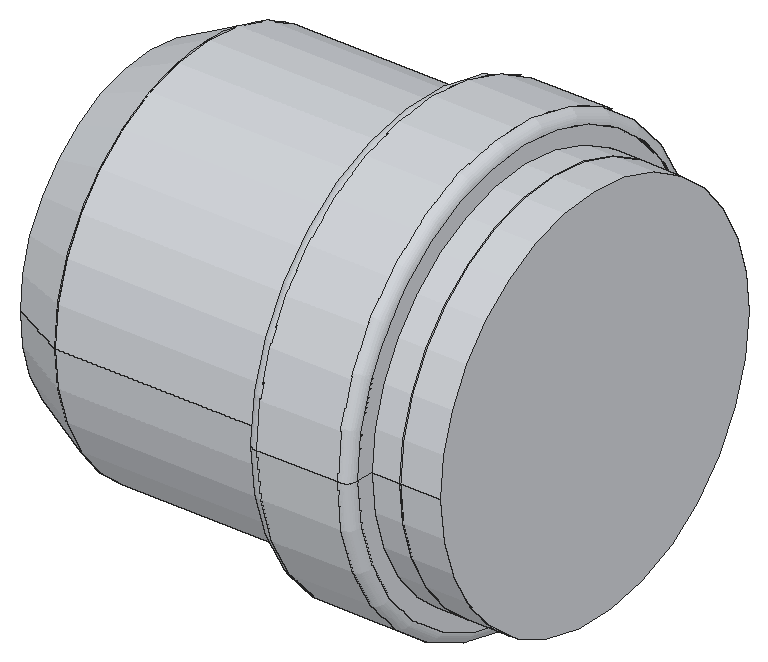
Revit family "RAUPIANO PLUS Socket Plug with Sleeve", category Pipe Fittings, Revit 2012
Parameters (values of type "Standard")
  tmin [instance] = size_lookup("RAUPIANO Pipe.csv", "tmin", 0 mm, Nominal Diameter)  # 42.3 mm
  re [instance] = de / 2  # 20 mm
  de [instance] = size_lookup("RAUPIANO Pipe.csv", "de", 0 mm, Nominal Diameter)  # 40 mm
  Manufacturer = "REHAU"
  L [instance] = size_lookup("RAUPIANO Socket Plug.csv", "Lgt", 0 mm, Nominal Diameter)  # 33 mm
  Fail = "No article found"
  D [instance] = Nominal Diameter  # 40 mm
  Cap Length [instance] = 5 mm  # constant formula
  Belt thickness [instance] = ((Dmax / 2) - Sleeve Radius)  # 3.5 mm
  bmin [instance] = size_lookup("RAUPIANO Pipe.csv", "bmin", 0 mm, Nominal Diameter)  # 3.5 mm
  Sleeve Radius [instance] = (Dmax + de) / 4  # 23.5 mm
  Sleeve Length [instance] = tmin + bmin  # 45.8 mm
  Nominal Radius [instance] = 20 mm
  Nominal Diameter [instance] = Nominal Radius * 2  # 40 mm
  Loss Method = Not Defined
  built-in parameter 1114236 = (empty or 0)
  K Coefficient Table = (empty or 0)
  Dmax [instance] = size_lookup("RAUPIANO Pipe.csv", "Dmax", 0 mm, Nominal Diameter)  # 54 mm
  Belt Radius [instance] = ((Dmax / 2) - Sleeve Radius) / 2.5  # 1.4 mm
  Belt Length [instance] = 3 / 10 * tmin  # 12.69 mm
  Article Nr [instance] = if(D = 40 mm, A1, if(D = 50 mm, A2, if(D = 75 mm, A3, if(D = 90 mm, A4, if(D = 110 mm, A5, if(D = 125 mm, A6, if(D = 160 mm, A7, if(D = 200 mm, A8, Fail))))))))  # "123134-001"
  A8 = "123974-001"
  A7 = "123774-002"
  A6 = "120624-001"
  A5 = "121474-001"
  A4 = "123334-001"
  A3 = "121464-001"
  A2 = "121454-001"
  A1 = "123134-001"
Reference planes
  plane 1 "Center (Front/Back)": y = 0
  plane 2: z = 0
  plane 3 "Center (Left/Right)": x = 0
  plane 4: x = -5
  plane 5: x = -47.3
  plane 6: x = -50.8
  plane 7: x = -54.3
  plane 8: x = -8.5
  plane 9: x = -21.19
  plane 10: x = -33
Forms (mm)
  Sweep 1, solid, detail levels fine
    path in 3D
      loop
        line (-47.3, 0, 0) -> (-5, 0, 0)
    profile origin (-26.15, 0, 0) x (0, 1, 0) y (0, 0, 1)
      loop
        circle (0, 0) r 23.5
  SweptBlend 2, solid, detail levels fine
    path in 3D
      loop
        line (-47.3, 0, 0) -> (-54.3, 0, 0)
    profile origin (-47.3, 0, 0) x (0, -1, 0) y (0, 0, 1)
      loop
        circle (0, 0) r 23.5
    end profile origin (-54.3, 0, 0) x (0, -1, 0) y (0, 0, 1)
      loop
        circle (0, 0) r 20
  Revolve 3, solid, detail levels fine
    sketch origin (0, 0, 0) x (1, 0, 0) y (0, 1, 0)
      loop
        line (-21.19, -23.5) -> (-21.19, -25.6)
        arc (-21.19, -25.6) -> (-20.78, -26.59) -> (-19.79, -27) r 1.4
        line (-19.79, -27) -> (-9.9, -27)
        arc (-9.9, -27) -> (-8.91, -26.59) -> (-8.5, -25.6) r 1.4
        line (-8.5, -25.6) -> (-8.5, -23.5) -> (-21.19, -23.5)
      axis (-8.5, 0) -> (-21.19, 0)
    angle from 0 to 360
  Extrusion 4, solid, detail levels fine
    sketch origin (-5, 1524, 1219.2) x (0, 1, 0) y (0, 0, 1)
      loop
        circle (-1524, -1219.2) r 23.5
    from 0 to 5
Lines and regions (mm)
  reference lines
    curve 1: line (-47.3, 0, 0) -> (-5, 0, 0)
    curve 3: line (-47.3, 0, 0) -> (-54.3, 0, 0)
  sketch lines
    curve 2: line (-47.3, 0, 0) -> (-5, 0, 0)
    curve 4: line (-47.3, 0, 0) -> (-54.3, 0, 0)
  model lines, style "PipeFitting", detail levels coarse+medium
    curve 5: line (0, 0, 0) -> (-54.3, 0, 0)
  model lines, detail levels coarse+medium
    curve 6: line (0, 20, 0) -> (0, 0, 0)
    curve 7: line (0, 0, 0) -> (0, -20, 0)
    curve 8: line (0, 20, 0) -> (-5, 20, 0)
    curve 9: line (0, -20, 0) -> (-5, -20, 0)
  model lines, style "Symbol", detail levels coarse+medium
    curve 10: line (0, 0, 20) -> (0, 0, -20)
    curve 11: line (0, 0, 20) -> (-5, 0, 20)
    curve 12: line (0, 0, -20) -> (-5, 0, -20)
Dimensions and locks
  "Cap Length": plane 4 to plane 3 "Center (Left/Right)"
  "tmin": plane 5 to plane 4
  equal spacing: plane 7, plane 6, plane 5
  "bmin": plane 6 to plane 5
  "Belt thickness": plane 8 to plane 4
  "Belt Length": plane 9 to plane 8
  "Belt thickness": Revolve 3 sketch curve to Revolve 3 sketch curve
  "Sleeve Radius": Revolve 3 sketch curve to plane 1 "Center (Front/Back)"
  "L": plane 10 to plane 3 "Center (Left/Right)"
  "Nominal Radius": plane 1 "Center (Front/Back)" to curve 6
  "Nominal Radius": curve 7 to plane 1 "Center (Front/Back)"
  equal spacing: curve 10, level, curve 10
  "Nominal Radius": curve 10 to level
  "Sleeve Radius": radius of Sweep 1 sketch curve
  "Sleeve Radius": radius of SweptBlend 2 sketch curve
  "re": radius of SweptBlend 2 sketch curve
  "Belt Radius": radius of Revolve 3 sketch curve  (x2)
  "Sleeve Radius": radius of Extrusion 4 sketch curve
  aligned and locked: plane 1 "Center (Front/Back)" to curve 1
  aligned and locked: plane 5 to curve 3
  aligned and locked: plane 7 to curve 3
  aligned and locked: Revolve 3 sketch curve to plane 8
  aligned and locked: Revolve 3 sketch curve to plane 9
  aligned and locked: Revolve 3 sketch curve to Revolve 3 sketch curve
  aligned and locked: plane 3 "Center (Left/Right)" to Extrusion 4
  aligned and locked: Extrusion 4 to plane 4
  aligned and locked: plane 3 "Center (Left/Right)" to curve 5
  aligned and locked: curve 6 to plane 3 "Center (Left/Right)"
  aligned and locked: plane 1 "Center (Front/Back)" to curve 7
  aligned and locked: plane 4 to curve 8
  aligned and locked: plane 4 to curve 9
  aligned and locked: curve 10 to plane 3 "Center (Left/Right)"
  aligned and locked: plane 4 to curve 11
  aligned and locked: plane 4 to curve 12
Automatic sketch dimensions
  Sweep 1 sketch curve to profile plane = 0 mm  (x2)
  SweptBlend 2 sketch curve to profile plane = 0 mm  (x4)
  Revolve 3 sketch curve to plane 1 "Center (Front/Back)" = 0 mm
  Revolve 3 sketch curve to plane 7 = 1428.071 mm
  plane 3 "Center (Left/Right)" to Revolve 3 sketch curve = 1524 mm
  curve 1 to plane 4 = 0 mm
  Extrusion 4 sketch curve to level = 0 mm
  Extrusion 4 sketch curve to plane 1 "Center (Front/Back)" = 0 mm
  curve 5 to plane 7 = 0 mm
Connectors
  piping at (-54.3, 0, 0), driven by "Nominal Radius"
    settings: on SweptBlend 2, index 1, connector radius 20 mm, flow factor 0, pipe flow 0.0 L/s, pressure drop 0.0 Pa, fitting loss kfactor 0, connector angle 0.00°, fixture units 0, engagement length 0 mm, flow configuration 0, flow direction 0, fitting loss method 0, system type 28, joint type 0, gender type 0, connector reference index -1, connector utility 0, adjustable connector no, is connector primary yes, fitting loss table "", connector description ""
